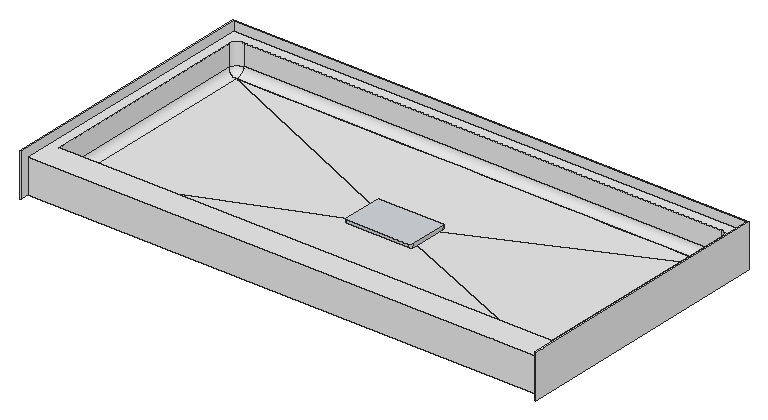
Revit family "P6030SQ.V2", category Plumbing Fixtures, Revit 2019
Family settings
  Round Connector Dimension = Use Diameter
  Part Type = Normal
  OmniClass Number = 23.45.05.14.17
  OmniClass Title = Showers
  Work Plane-Based = No
  Always vertical = Yes
  Cut with Voids When Loaded = No
  Shared = No
  Room Calculation Point = No
Parameters (values of type "P6030SQ.V2")
  Unit Width = 60"
  Unit Height = 5"
  Unit Depth = 31"
  URL = "http://www.bestbath.com/"
  Type Comments = "Remodeler"
  Model = "P6030.V2"
  Material [instance] = Best Bath Gelcoat Fiberglass - Smooth
  Manufacturer = "Best Bath Systems, Inc."
  Keynote = "22 40 00.B3"
  Description = "Shower Pan"
  Assembly Code = "D2010710"
Reference planes (in)
  plane 1 "Back": y = -0.5
  plane 2: z = 0
  plane 3 "Left": x = 0
  plane 4: x = 60
  plane 5: z = 4
  plane 6: z = 5
  plane 7: x = 30
  plane 8: y = 29.5
  plane 9: y = 15.5
  plane 10: x = 1.25
  plane 11: x = 58.75
  plane 12: y = 28.25
  plane 13: z = 0.625
  plane 14: z = 0.25
  plane 15: y = -1.5
Forms (in)
  Extrusion 1, solid, material "Best Bath Gelcoat Fiberglass - Smooth"
    sketch origin (0, 0, 0) x (1, 0, 0) y (0, 1, 0)
      loop
        line (0, -0.5) -> (1.25, -0.5) -> (1.25, 27.25)
        arc (1.25, 27.25) -> (1.54289, 27.95711) -> (2.25, 28.25) r 1
        line (2.25, 28.25) -> (57.75, 28.25)
        arc (57.75, 28.25) -> (58.45711, 27.95711) -> (58.75, 27.25) r 1
        line (58.75, 27.25) -> (58.75, -0.5) -> (60, -0.5) -> (60, 29.5) -> (0, 29.5) -> (0, -0.5)
    from 0 to 4
  Extrusion 2, solid, material "Best Bath Gelcoat Fiberglass - Smooth"
    sketch origin (0, 0, 0) x (1, 0, 0) y (0, 1, 0)
      loop
        line (0, -0.5) -> (60, -0.5) -> (60, 29.5) -> (0, 29.5) -> (0, -0.5)
      loop
        circle (30, 15.5) r 2.125
    from 0 to 0.625
  Sweep 3, solid, material "Best Bath Gelcoat Fiberglass - Smooth"
    path origin (0, 0, 0) x (1, 0, 0) y (0, 1, 0)
      loop
        line (58.75, -0.5) -> (58.75, 27.25)
        arc (58.75, 27.25) -> (58.45711, 27.95711) -> (57.75, 28.25) r 1
        line (57.75, 28.25) -> (2.25, 28.25)
        arc (2.25, 28.25) -> (1.54289, 27.95711) -> (1.25, 27.25) r 1
        line (1.25, 27.25) -> (1.25, -0.5)
    profile origin (1.25, 13.375, 0) x (1, 0, 0) y (0, 0, 1)
      loop
        line (0, 0.625) -> (0.9, 0.625)
        arc (0.9, 0.625) -> (0.2636, 0.8886) -> (0, 1.525) r 0.9
        line (0, 1.525) -> (0, 0.625)
  Blend 4, void
    base sketch origin (0, 0, 0) x (1, 0, 0) y (0, 1, 0)
      loop
        line (2.25, 3.5147) -> (57.75, 3.5147) -> (57.75, 27.25) -> (2.25, 27.25) -> (2.25, 3.5147)
    top sketch origin (0, 0, 0) x (1, 0, 0) y (0, 1, 0)
      loop
        circle (30, 15.5) r 0.10467
    from 0.625 to 0.25
  Sweep 5, solid, material "Best Bath Gelcoat Fiberglass - Smooth"
    path origin (0, 0, 0) x (1, 0, 0) y (0, 1, 0)
      loop
        line (1.25, -0.5) -> (58.75, -0.5)
    profile origin (30, -0.5, 0) x (0, 1, 0) y (0, 0, 1)
      loop
        line (0, 4) -> (0, 0) -> (4.11592, 0) -> (3.00305, 4) -> (0, 4)
  Extrusion 6, solid, material "Best Bath Gelcoat Fiberglass - Smooth"
    sketch origin (0, 0, 0) x (1, 0, 0) y (0, 1, 0)
      loop
        line (0, -1.5) -> (0.125, -1.5) -> (0.125, 29.375) -> (59.875, 29.375) -> (59.875, -1.5) -> (60, -1.5) -> (60, 29.5) -> (0, 29.5) -> (0, -1.5)
    from 0 to 5
  Extrusion 7, solid
    sketch origin (-1.47917, 34.3125, 0) x (1, 0, 0) y (0, 1, 0)
      loop
        arc (27.875, -16.375) -> (27.69822, -16.44822) -> (27.625, -16.625) r 0.25
        line (27.625, -16.625) -> (27.625, -21)
        arc (27.625, -21) -> (27.69822, -21.17678) -> (27.875, -21.25) r 0.25
        line (27.875, -21.25) -> (35.125, -21.25)
        arc (35.125, -21.25) -> (35.30178, -21.17678) -> (35.375, -21) r 0.25
        line (35.375, -21) -> (35.375, -16.625)
        arc (35.375, -16.625) -> (35.30178, -16.44822) -> (35.125, -16.375) r 0.25
        line (35.125, -16.375) -> (27.875, -16.375)
    from 0 to 0.625
Cuts and joins
  Blend 4 cuts Extrusion 1
  Blend 4 cuts Extrusion 2
  Blend 4 cuts Sweep 3
  joined: Extrusion 1, Extrusion 2, Sweep 3, Sweep 5, Extrusion 6
Dimensions and locks (in)
  "Unit Width": plane 3 "Left" to plane 4
  locked: plane 6 to plane 5 at 1
  "Unit Height": plane 6 to level
  plane 3 "Left" to plane 7 to plane 4 = 30", 30"
  locked: plane 8 to plane 12 at 1.25
  locked: plane 11 to plane 4 at 1.25
  locked: plane 3 "Left" to plane 10 at 1.25
  plane 8 to plane 9 = 14"
  locked: plane 13 to plane 14 at 0.375
  locked: plane 13 to level at 0.625
  locked: plane 15 to plane 1 "Back" at 1
  "Unit Depth": plane 8 to plane 15
  aligned and locked: level to plane 2
  aligned and locked: plane 9 to Extrusion 2 sketch curve
  aligned and locked: plane 7 to Extrusion 2 sketch curve
  aligned and locked: Sweep 3 to plane 13
  aligned and locked: Sweep 3 sketch curve to plane 13
  aligned and locked: Extrusion 2 to plane 13
  aligned and locked: plane 9 to Blend 4 sketch curve
  aligned and locked: plane 7 to Blend 4 sketch curve
  aligned and locked: Extrusion 2 to Blend 4
  aligned and locked: Blend 4 to plane 14
  aligned and locked: plane 5 to Extrusion 1
  aligned and locked: plane 5 to Sweep 5
  aligned and locked: plane 6 to Extrusion 6
Automatic sketch dimensions
  plane 1 "Back" to Extrusion 1 sketch curve = 0"  (x2)
  Extrusion 1 sketch curve to plane 3 "Left" = 0"
  Extrusion 1 sketch curve to plane 4 = 0"
  Extrusion 1 sketch curve to plane 8 = 0"
  Extrusion 1 sketch curve to plane 10 = 0"
  Extrusion 1 sketch curve to plane 12 = 0"
  Extrusion 1 sketch curve to plane 11 = 0"
  Extrusion 1 sketch curve to plane 12 = 1"
  plane 10 to Extrusion 1 sketch curve = 1"
  Extrusion 2 sketch curve to plane 4 = 0"
  Extrusion 2 sketch curve to plane 8 = 0"
  profile plane to Sweep 3 sketch curve = 0"
  Sweep 3 sketch curve to profile plane = 0.9"
  Extrusion 2 sketch curve to plane 3 "Left" = 0"
  plane 1 "Back" to Extrusion 2 sketch curve = 0"
  Sweep 3 sketch curve to plane 10 = 0"
  Sweep 3 sketch curve to plane 12 = 0"
  Sweep 3 sketch curve to plane 11 = 0"
  Sweep 3 sketch curve to plane 12 = 1"
  plane 1 "Back" to Sweep 3 sketch curve = 0"  (x2)
  plane 10 to Sweep 3 sketch curve = 1"
  plane 1 "Back" to Sweep 5 sketch curve = 0"
  Sweep 5 sketch curve to plane 10 = 0"
  Sweep 5 sketch curve to plane 11 = 0"
  Sweep 5 sketch curve to profile plane = 0"
  Sweep 5 sketch curve to level = 0"
  Sweep 5 sketch curve to profile plane = 3.00305"
  Sweep 5 sketch curve to profile plane = 4.11592"
  level to Sweep 5 sketch curve = 4"
  plane 10 to Blend 4 sketch curve = 1"
  Blend 4 sketch curve to plane 11 = 1"
  Blend 4 sketch curve to plane 1 "Back" = 4.0147"
  Blend 4 sketch curve to plane 12 = 1"
  Extrusion 6 sketch curve to plane 3 "Left" = 0"
  Extrusion 6 sketch curve to plane 15 = 0"  (x2)
  Extrusion 6 sketch curve to plane 4 = 0"
  Extrusion 6 sketch curve to plane 8 = 0"
  plane 3 "Left" to Extrusion 6 sketch curve = 1/8"
  plane 4 to Extrusion 6 sketch curve = 1/8"
  Extrusion 6 sketch curve to plane 8 = 1/8"
  plane 7 to Extrusion 7 sketch curve = 3.85417"
  Extrusion 7 sketch curve to Extrusion 7 sketch curve = 1/4"  (x3)
  Extrusion 7 sketch curve to plane 7 = 3.64583"  (x2)
  plane 9 to Extrusion 7 sketch curve = 2 7/16"
  Extrusion 7 sketch curve to plane 9 = 2 3/16"
  radius of Extrusion 2 sketch curve = 2 1/8"
  radius of Blend 4 sketch curve = 0.10467"
